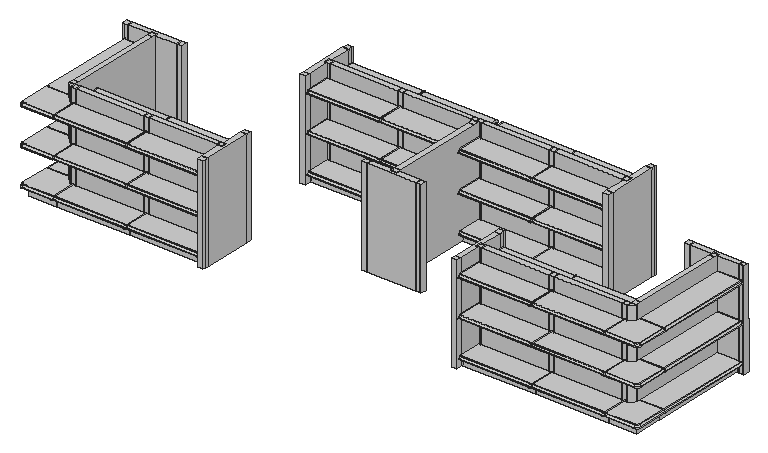
Revit family "QF_ConfigurationA", category Specialty Equipment, Revit 2012 (continued)
Definition of nested family "TL2"
  Automatic sketch dimensions
    plane 18 to Extrusion 22 sketch curve = 0' - 1.11011"
    Extrusion 22 sketch curve to plane 18 = 0' - 0 5/8"
    Extrusion 22 sketch curve to Extrusion 22 sketch curve = 0' - 0 1/8"  (x2)
    Extrusion 22 sketch curve to Extrusion 22 sketch curve = 0' - 0 7/8"
    Extrusion 22 sketch curve to Extrusion 22 sketch curve = 0' - 0 3/4"
    Extrusion 22 sketch curve to Extrusion 22 sketch curve = 0' - 0 1/4"  (x2)
    plane 10 "3rd shelf" to Extrusion 22 sketch curve = 0' - 0 1/2"  (x2)
    Extrusion 22 sketch curve to Extrusion 22 sketch curve = 0' - 2"
    Extrusion 22 sketch curve to plane 4 = 0' - 1 1/8"
    Extrusion 22 sketch curve to Extrusion 22 sketch curve = 0' - 0"
    Extrusion 22 sketch curve to Extrusion 22 sketch curve = 0' - 2 1/4"
    plane 10 "3rd shelf" to Extrusion 22 sketch curve = 0' - 0 5/8"
    Extrusion 23 sketch curve to plane 18 = 0' - 0"
    Extrusion 23 sketch curve to plane 10 "3rd shelf" = 0' - 0"
    Extrusion 23 sketch curve to plane 4 = 0' - 0"
    Extrusion 23 sketch curve to plane 10 "3rd shelf" = 0' - 0.10284"
    plane 18 to Extrusion 23 sketch curve = 0' - 0.86011"
    Extrusion 23 sketch curve to plane 18 = 0' - 0 1/4"
    Extrusion 23 sketch curve to plane 18 = 0' - 0 3/4"
    Extrusion 23 sketch curve to Extrusion 23 sketch curve = 0' - 0 5/8"
    Extrusion 23 sketch curve to Extrusion 23 sketch curve = 0' - 0 1/8"  (x2)
    plane 10 "3rd shelf" to Extrusion 23 sketch curve = 0' - 0 1/8"
    Extrusion 23 sketch curve to Extrusion 23 sketch curve = 0' - 0 1/4"
    Extrusion 24 sketch curve to plane 18 = 0' - 0"
    Extrusion 24 sketch curve to plane 10 "3rd shelf" = 0' - 0"
    Extrusion 24 sketch curve to plane 4 = 0' - 0"
    plane 10 "3rd shelf" to Extrusion 24 sketch curve = 0' - 0.22784"
    Extrusion 24 sketch curve to plane 18 = 0' - 1.11011"
    plane 18 to Extrusion 24 sketch curve = 0' - 0 5/8"
    Extrusion 24 sketch curve to Extrusion 24 sketch curve = 0' - 0 1/8"  (x2)
    Extrusion 24 sketch curve to Extrusion 24 sketch curve = 0' - 0 7/8"
    Extrusion 24 sketch curve to Extrusion 24 sketch curve = 0' - 0 3/4"
    Extrusion 24 sketch curve to Extrusion 24 sketch curve = 0' - 0 1/4"  (x2)
    Extrusion 24 sketch curve to plane 10 "3rd shelf" = 0' - 0 1/2"  (x2)
    Extrusion 24 sketch curve to Extrusion 24 sketch curve = 0' - 2"
    plane 4 to Extrusion 24 sketch curve = 0' - 1 1/8"
    Extrusion 24 sketch curve to Extrusion 24 sketch curve = 0' - 0"
    Extrusion 24 sketch curve to Extrusion 24 sketch curve = 0' - 2 1/4"
    Extrusion 24 sketch curve to plane 10 "3rd shelf" = 0' - 0 5/8"
    Extrusion 25 sketch curve to plane 18 = 0' - 0"
    Extrusion 25 sketch curve to plane 11 "4th shelf" = 0' - 0"
    Extrusion 25 sketch curve to plane 4 = 0' - 0"
    Extrusion 25 sketch curve to plane 11 "4th shelf" = 0' - 0.22784"
    plane 18 to Extrusion 25 sketch curve = 0' - 1.11011"
    Extrusion 25 sketch curve to plane 18 = 0' - 0 5/8"
    Extrusion 25 sketch curve to Extrusion 25 sketch curve = 0' - 0 1/8"  (x2)
    Extrusion 25 sketch curve to plane 18 = 0' - 0 7/8"
    Extrusion 25 sketch curve to Extrusion 25 sketch curve = 0' - 0 3/4"
    Extrusion 25 sketch curve to Extrusion 25 sketch curve = 0' - 0 1/4"  (x2)
    plane 11 "4th shelf" to Extrusion 25 sketch curve = 0' - 0 1/2"  (x2)
    Extrusion 25 sketch curve to Extrusion 25 sketch curve = 0' - 2"
    Extrusion 25 sketch curve to plane 4 = 0' - 1 1/8"
    Extrusion 25 sketch curve to Extrusion 25 sketch curve = 0' - 0"
    Extrusion 25 sketch curve to Extrusion 25 sketch curve = 0' - 2 1/4"
    plane 11 "4th shelf" to Extrusion 25 sketch curve = 0' - 0 5/8"
    Extrusion 26 sketch curve to plane 18 = 0' - 0"
    Extrusion 26 sketch curve to plane 11 "4th shelf" = 0' - 0"
    Extrusion 26 sketch curve to plane 4 = 0' - 0"
    Extrusion 26 sketch curve to plane 11 "4th shelf" = 0' - 0.10284"
    plane 18 to Extrusion 26 sketch curve = 0' - 0.86011"
    Extrusion 26 sketch curve to plane 18 = 0' - 0 1/4"
    Extrusion 26 sketch curve to plane 18 = 0' - 0 3/4"
    Extrusion 26 sketch curve to Extrusion 26 sketch curve = 0' - 0 5/8"
    Extrusion 26 sketch curve to Extrusion 26 sketch curve = 0' - 0 1/8"  (x2)
    plane 11 "4th shelf" to Extrusion 26 sketch curve = 0' - 0 1/8"
    Extrusion 26 sketch curve to Extrusion 26 sketch curve = 0' - 0 1/4"
    Extrusion 27 sketch curve to plane 18 = 0' - 0"
    Extrusion 27 sketch curve to plane 11 "4th shelf" = 0' - 0"
    Extrusion 27 sketch curve to plane 4 = 0' - 0"
    plane 11 "4th shelf" to Extrusion 27 sketch curve = 0' - 0.22784"
    Extrusion 27 sketch curve to plane 18 = 0' - 1.11011"
    plane 18 to Extrusion 27 sketch curve = 0' - 0 5/8"
    Extrusion 27 sketch curve to Extrusion 27 sketch curve = 0' - 0 1/8"  (x2)
    plane 18 to Extrusion 27 sketch curve = 0' - 0 7/8"
    Extrusion 27 sketch curve to Extrusion 27 sketch curve = 0' - 0 3/4"
    Extrusion 27 sketch curve to Extrusion 27 sketch curve = 0' - 0 1/4"  (x2)
    Extrusion 27 sketch curve to plane 11 "4th shelf" = 0' - 0 1/2"  (x2)
    Extrusion 27 sketch curve to Extrusion 27 sketch curve = 0' - 2"
    plane 4 to Extrusion 27 sketch curve = 0' - 1 1/8"
    Extrusion 27 sketch curve to Extrusion 27 sketch curve = 0' - 0"
    Extrusion 27 sketch curve to Extrusion 27 sketch curve = 0' - 2 1/4"
    Extrusion 27 sketch curve to plane 11 "4th shelf" = 0' - 0 5/8"
    Extrusion 1 sketch curve to level = 0' - 0"
    Extrusion 1 sketch curve to plane 6 = 0' - 0"  (x2)
    plane 14 to Extrusion 1 sketch curve = 0' - 0"
    level to Extrusion 1 sketch curve = 0' - 0 1/32"
    plane 16 to Extrusion 1 sketch curve = 0' - 1 1/8"
    Extrusion 1 sketch curve to Extrusion 1 sketch curve = 0' - 0.03076"
    plane 15 to Extrusion 1 sketch curve = 0' - 1 1/8"
    Extrusion 1 sketch curve to plane 14 = 0' - 1 1/4"
    Extrusion 1 to Split face 1 sketch curve = 0' - 0"
    Split face 1 sketch curve to Extrusion 1 = 0' - 0"  (x4)
    Extrusion 1 to Split face 2 sketch curve = 0' - 0"
    Split face 2 sketch curve to Extrusion 1 = 0' - 0"  (x4)
    radius of Extrusion 3 sketch curve = 0' - 0 1/8"  (x2)
    radius of Extrusion 5 sketch curve = 0' - 0 1/8"  (x2)
    radius of Extrusion 6 sketch curve = 0' - 0 1/8"  (x2)
    radius of Extrusion 8 sketch curve = 0' - 0 1/8"  (x2)
    radius of Extrusion 9 sketch curve = 0' - 0 1/8"  (x2)
    radius of Extrusion 11 sketch curve = 0' - 0 1/8"  (x2)
    radius of Extrusion 12 sketch curve = 0' - 0 1/8"  (x2)
    radius of Extrusion 14 sketch curve = 0' - 0 1/8"  (x2)
    radius of Extrusion 16 sketch curve = 0' - 0 1/8"  (x2)
    radius of Extrusion 18 sketch curve = 0' - 0 1/8"  (x2)
    radius of Extrusion 19 sketch curve = 0' - 0 1/8"  (x2)
    radius of Extrusion 21 sketch curve = 0' - 0 1/8"  (x2)
    radius of Extrusion 22 sketch curve = 0' - 0 1/8"  (x2)
    radius of Extrusion 24 sketch curve = 0' - 0 1/8"  (x2)
    radius of Extrusion 25 sketch curve = 0' - 0 1/8"  (x2)
    radius of Extrusion 27 sketch curve = 0' - 0 1/8"  (x2)
Definition of nested family "TL3"
  Parameters (values of type "Maxi Line End (Default)")
    "Right" Shelf Width = 1' - 0"
    "Left" Shelf Width = 1' - 0"
    "Front" Regular Base Shelf [instance] = no
    "Front" Shelf 2' [instance] = no
    "Front" Shelf 3' - 6" [instance] = no
    "Front" Shelf 5' [instance] = no
    "Front" Shelf 6' - 6" [instance] = no
    "Front" Shelf Depth = 1' - 10"
    Height = 4' - 0"
  Reference planes (in)
    plane 1 "Center (Front/Back)": y = 0
    plane 2: z = 0
    plane 3 "Center (Left/Right)": x = 0
    plane 4: y = 1.1178
    plane 5: y = -1.6322
    plane 6: z = 48
    plane 7: z = 0
    plane 8 "1st shelf": z = 23.5
    plane 9 "2nd shelf": z = 41.5
    plane 10 "3rd shelf": z = 59.5
    plane 11 "4th shelf": z = 77.5
    plane 12: y = -24.5072
    plane 13: x = 0
    plane 14: x = 26.75
    plane 15: x = 0.125
    plane 16: x = 26.625
    plane 17: z = 41.5
    plane 18: y = 23.9928
    plane 19: x = 23.875
    plane 20: x = 2.875
    plane 21: y = -21.6322
    plane 22: y = -24.3822
    plane 23: y = -23.6322
    plane 24: x = 12
    plane 25: x = 14.75
    plane 26: x = 0
  Forms (in)
    Extrusion 1, solid, material "Metal - Steel", visible <- ""Front" Shelf 2'"
      sketch origin (0, -0.2572, 0) x (0, 1, 0) y (0, 0, 1)
        loop
          line (-1.375, 23.5) -> (-23.5, 23.5) -> (-23.625, 23.5)
          arc (-23.625, 23.5) -> (-23.83033, 22.87796) -> (-24.25, 22.375) r 1.75
          line (-24.25, 22.375) -> (-24.25, 22.125) -> (-23.375, 22.125) -> (-23.375, 22.375) -> (-22.625, 23) -> (-22.375, 23) -> (-22.375, 22.875) -> (-1.375, 20.75) -> (-1.375, 23.5)
        loop
          circle (-20.375, 23) r 0.125
        loop
          circle (-2.5, 23) r 0.125
      from 0 to 0.125
    Extrusion 2, solid, material "Metal - Steel", visible <- ""Front" Shelf 2'"
      sketch origin (0, -0.2572, 0) x (0, 1, 0) y (0, 0, 1)
        loop
          line (-23.5, 23.5) -> (-23.5, 23.375) -> (-23.375, 23.375)
          arc (-23.375, 23.375) -> (-23.58033, 22.75296) -> (-24, 22.25) r 1.75
          line (-24, 22.25) -> (-24, 22.375) -> (-24.125, 22.375) -> (-24.125, 22.125) -> (-23.375, 22.125) -> (-1.375, 22.125) -> (-1.375, 23.5) -> (-23.5, 23.5)
      from 0.125 to 26.625
    Extrusion 3, solid, material "Metal - Steel", visible <- ""Front" Shelf 2'"
      sketch origin (26.4055, -0.2572, 0) x (0, 1, 0) y (0, 0, -1)
        loop
          line (-1.375, -23.5) -> (-1.375, -20.75) -> (-22.375, -22.875) -> (-22.375, -23) -> (-22.625, -23) -> (-23.375, -22.375) -> (-23.375, -22.125) -> (-24.25, -22.125) -> (-24.25, -22.375)
          arc (-24.25, -22.375) -> (-23.83033, -22.87796) -> (-23.625, -23.5) r 1.75
          line (-23.625, -23.5) -> (-23.5, -23.5) -> (-1.375, -23.5)
        loop
          circle (-20.375, -23) r 0.125
        loop
          circle (-2.5, -23) r 0.125
      from -0.3445 to -0.2195
    Extrusion 4, solid, material "Metal - Steel", visible <- ""Front" Shelf 3' - 6""
      sketch origin (0, -0.2572, 18) x (0, 1, 0) y (0, 0, 1)
        loop
          line (-1.375, 23.5) -> (-23.5, 23.5) -> (-23.625, 23.5)
          arc (-23.625, 23.5) -> (-23.83033, 22.87796) -> (-24.25, 22.375) r 1.75
          line (-24.25, 22.375) -> (-24.25, 22.125) -> (-23.375, 22.125) -> (-23.375, 22.375) -> (-22.625, 23) -> (-22.375, 23) -> (-22.375, 22.875) -> (-1.375, 20.75) -> (-1.375, 23.5)
        loop
          circle (-20.375, 23) r 0.125
        loop
          circle (-2.5, 23) r 0.125
      from 0 to 0.125
    Extrusion 5, solid, material "Metal - Steel", visible <- ""Front" Shelf 3' - 6""
      sketch origin (0, -0.2572, 18) x (0, 1, 0) y (0, 0, 1)
        loop
          line (-23.5, 23.5) -> (-23.5, 23.375) -> (-23.375, 23.375)
          arc (-23.375, 23.375) -> (-23.58033, 22.75296) -> (-24, 22.25) r 1.75
          line (-24, 22.25) -> (-24, 22.375) -> (-24.25, 22.375) -> (-24.25, 22.125) -> (-23.375, 22.125) -> (-1.375, 22.125) -> (-1.375, 23.5) -> (-23.5, 23.5)
      from 0.125 to 26.625
    Extrusion 6, solid, material "Metal - Steel", visible <- ""Front" Shelf 3' - 6""
      sketch origin (26.4055, -0.2572, 18) x (0, 1, 0) y (0, 0, -1)
        loop
          line (-1.375, -23.5) -> (-1.375, -20.75) -> (-22.375, -22.875) -> (-22.375, -23) -> (-22.625, -23) -> (-23.375, -22.375) -> (-23.375, -22.125) -> (-24.25, -22.125) -> (-24.25, -22.375)
          arc (-24.25, -22.375) -> (-23.83033, -22.87796) -> (-23.625, -23.5) r 1.75
          line (-23.625, -23.5) -> (-23.5, -23.5) -> (-1.375, -23.5)
        loop
          circle (-20.375, -23) r 0.125
        loop
          circle (-2.5, -23) r 0.125
      from -0.3445 to -0.2195
    Extrusion 7, solid, material "Metal - Steel", visible <- ""Front" Shelf 5'"
      sketch origin (0, -0.2572, 36) x (0, 1, 0) y (0, 0, 1)
        loop
          line (-1.375, 23.5) -> (-23.5, 23.5) -> (-23.625, 23.5)
          arc (-23.625, 23.5) -> (-23.83033, 22.87796) -> (-24.25, 22.375) r 1.75
          line (-24.25, 22.375) -> (-24.25, 22.125) -> (-23.375, 22.125) -> (-23.375, 22.375) -> (-22.625, 23) -> (-22.375, 23) -> (-22.375, 22.875) -> (-1.375, 20.75) -> (-1.375, 23.5)
        loop
          circle (-20.375, 23) r 0.125
        loop
          circle (-2.5, 23) r 0.125
      from 0 to 0.125
    Extrusion 8, solid, material "Metal - Steel", visible <- ""Front" Shelf 5'"
      sketch origin (0, -0.2572, 36) x (0, 1, 0) y (0, 0, 1)
        loop
          line (-23.5, 23.5) -> (-23.5, 23.375) -> (-23.375, 23.375)
          arc (-23.375, 23.375) -> (-23.58033, 22.75296) -> (-24, 22.25) r 1.75
          line (-24, 22.25) -> (-24, 22.375) -> (-24.25, 22.375) -> (-24.25, 22.125) -> (-23.375, 22.125) -> (-1.375, 22.125) -> (-1.375, 23.5) -> (-23.5, 23.5)
      from 0.125 to 26.625
    Extrusion 9, solid, material "Metal - Steel", visible <- ""Front" Shelf 5'"
      sketch origin (26.4055, -0.2572, 36) x (0, 1, 0) y (0, 0, -1)
        loop
          line (-1.375, -23.5) -> (-1.375, -20.75) -> (-22.375, -22.875) -> (-22.375, -23) -> (-22.625, -23) -> (-23.375, -22.375) -> (-23.375, -22.125) -> (-24.25, -22.125) -> (-24.25, -22.375)
          arc (-24.25, -22.375) -> (-23.83033, -22.87796) -> (-23.625, -23.5) r 1.75
          line (-23.625, -23.5) -> (-23.5, -23.5) -> (-1.375, -23.5)
        loop
          circle (-20.375, -23) r 0.125
        loop
          circle (-2.5, -23) r 0.125
      from -0.3445 to -0.2195
    Extrusion 10, solid, material "Metal - Steel", visible <- ""Front" Shelf 6' - 6""
      sketch origin (0, -0.2572, 54) x (0, 1, 0) y (0, 0, 1)
        loop
          line (-1.375, 23.5) -> (-23.5, 23.5) -> (-23.625, 23.5)
          arc (-23.625, 23.5) -> (-23.83033, 22.87796) -> (-24.25, 22.375) r 1.75
          line (-24.25, 22.375) -> (-24.25, 22.125) -> (-23.375, 22.125) -> (-23.375, 22.375) -> (-22.625, 23) -> (-22.375, 23) -> (-22.375, 22.875) -> (-1.375, 20.75) -> (-1.375, 23.5)
        loop
          circle (-20.375, 23) r 0.125
        loop
          circle (-2.5, 23) r 0.125
      from 0 to 0.125
    Extrusion 11, solid, material "Metal - Steel", visible <- ""Front" Shelf 6' - 6""
      sketch origin (0, -0.2572, 54) x (0, 1, 0) y (0, 0, 1)
        loop
          line (-23.5, 23.5) -> (-23.5, 23.375) -> (-23.375, 23.375)
          arc (-23.375, 23.375) -> (-23.58033, 22.75296) -> (-24, 22.25) r 1.75
          line (-24, 22.25) -> (-24, 22.375) -> (-24.25, 22.375) -> (-24.25, 22.125) -> (-23.375, 22.125) -> (-1.375, 22.125) -> (-1.375, 23.5) -> (-23.5, 23.5)
      from 0.125 to 26.625
    Extrusion 12, solid, material "Metal - Steel", visible <- ""Front" Shelf 6' - 6""
      sketch origin (26.4055, -0.2572, 54) x (0, 1, 0) y (0, 0, -1)
        loop
          line (-1.375, -23.5) -> (-1.375, -20.75) -> (-22.375, -22.875) -> (-22.375, -23) -> (-22.625, -23) -> (-23.375, -22.375) -> (-23.375, -22.125) -> (-24.25, -22.125) -> (-24.25, -22.375)
          arc (-24.25, -22.375) -> (-23.83033, -22.87796) -> (-23.625, -23.5) r 1.75
          line (-23.625, -23.5) -> (-23.5, -23.5) -> (-1.375, -23.5)
        loop
          circle (-20.375, -23) r 0.125
        loop
          circle (-2.5, -23) r 0.125
      from -0.3445 to -0.2195
    Extrusion 13, solid, material "Metal - Steel"
      sketch origin (2.4055, 1.1178, 77.5) x (1, 0, 0) y (0, 1, 0)
        loop
          line (-2.4055, 0) -> (-3.6555, 0) -> (-3.6555, -2.75) -> (-1.1555, -2.75) -> (-1.1555, 0) -> (-2.4055, 0)
        loop
          line (-1.12425, 0) -> (-1.12425, -2.75) -> (23.06325, -2.75) -> (23.06325, 0) -> (12.3445, 0) -> (12.3445, -1.25) -> (9.5945, -1.25) -> (9.5945, 0) -> (-1.12425, 0)
        loop
          line (24.3445, -2.75) -> (25.5945, -2.75) -> (25.5945, 0) -> (23.0945, 0) -> (23.0945, -2.75) -> (24.3445, -2.75)
      from -77.5 to -29.5
    Extrusion 14, solid, material "Metal - Steel", visible <- ""Front" Regular Base Shelf"
      sketch origin (0, -0.2572, 0) x (0, 1, 0) y (0, 0, 1)
        loop
          line (-1.375, 0) -> (-1.375, 5.5) -> (-23.625, 5.5) -> (-23.625, 5.375) -> (-23.5, 5.375)
          arc (-23.5, 5.375) -> (-23.70533, 4.75296) -> (-24.125, 4.25) r 1.75
          line (-24.125, 4.25) -> (-24.125, 4.375) -> (-24.25, 4.375) -> (-24.25, 4.125) -> (-21.375, 4.125) -> (-21.375, 0) -> (-1.375, 0)
      from 0 to 26.75
  Dimensions and locks (in)
    "Height": plane 6 to level
    locked: plane 13 to plane 15 at 0.125
    locked: plane 16 to plane 14 at 0.125
    plane 3 "Center (Left/Right)" to Extrusion 13 = 0' - 1 1/4"
    locked: plane 13 to plane 20 at 2.875
    locked: plane 19 to plane 14 at 2.875
    ""Front" Shelf Depth": plane 23 to plane 5
    locked: plane 12 to plane 21 at 2.875
    locked: plane 22 to plane 12 at 0.125
    locked: plane 12 to plane 23 at 0.875
    ""Right" Shelf Width": plane 25 to plane 14
    ""Left" Shelf Width": plane 26 to plane 24
    locked: plane 24 to plane 25 at 2.75
    aligned and locked: level to plane 2
    aligned and locked: Extrusion 2 to Extrusion 3
    aligned and locked: Extrusion 1 to plane 15
    aligned and locked: Extrusion 2 to Extrusion 1
    aligned and locked: plane 16 to Extrusion 3
    aligned and locked: Extrusion 5 to Extrusion 6
    aligned and locked: Extrusion 5 to Extrusion 4
    aligned and locked: Extrusion 4 to Extrusion 1
    aligned and locked: Extrusion 6 to Extrusion 2
    aligned and locked: Extrusion 4 to plane 15
    aligned and locked: Extrusion 8 to Extrusion 9
    aligned and locked: Extrusion 8 to Extrusion 7
    aligned and locked: Extrusion 7 to Extrusion 1
    aligned and locked: Extrusion 9 to Extrusion 2
    aligned and locked: Extrusion 11 to Extrusion 12
    aligned and locked: Extrusion 11 to Extrusion 10
    aligned and locked: Extrusion 10 to Extrusion 1
    aligned and locked: Extrusion 12 to Extrusion 2
    aligned and locked: Extrusion 13 to level
    aligned and locked: plane 13 to Extrusion 10
    aligned and locked: plane 13 to Extrusion 7
    aligned and locked: plane 13 to Extrusion 4
    aligned and locked: plane 13 to Extrusion 1
    aligned and locked: Extrusion 12 to plane 14
    aligned and locked: Extrusion 9 to plane 14
    aligned and locked: Extrusion 6 to plane 14
    aligned and locked: Extrusion 3 to plane 14
    aligned and locked: plane 5 to Extrusion 13
    aligned and locked: Extrusion 13 to plane 6
    aligned and locked: plane 22 to Extrusion 2
    aligned and locked: Extrusion 11 to plane 5
    aligned and locked: plane 13 to Extrusion 14
    aligned and locked: Extrusion 14 to plane 14
    aligned and locked: plane 23 to Extrusion 2
    aligned and locked: Extrusion 2 to plane 5
    aligned and locked: plane 24 to Extrusion 13
    aligned and locked: plane 25 to Extrusion 13
    aligned and locked: plane 13 to plane 26
  Automatic sketch dimensions
    Extrusion 1 sketch curve to plane 12 = 0' - 0"
    Extrusion 1 sketch curve to plane 8 "1st shelf" = 0' - 0"
    Extrusion 1 sketch curve to plane 5 = 0' - 0"
    plane 8 "1st shelf" to Extrusion 1 sketch curve = 0' - 0.22784"
    Extrusion 1 sketch curve to plane 12 = 0' - 1.11011"
    plane 12 to Extrusion 1 sketch curve = 0' - 0 5/8"
    Extrusion 1 sketch curve to Extrusion 1 sketch curve = 0' - 0 1/8"  (x2)
    plane 12 to Extrusion 1 sketch curve = 0' - 0 7/8"
    Extrusion 1 sketch curve to Extrusion 1 sketch curve = 0' - 0 3/4"
    Extrusion 1 sketch curve to Extrusion 1 sketch curve = 0' - 0 1/4"  (x2)
    Extrusion 1 sketch curve to plane 8 "1st shelf" = 0' - 0 1/2"  (x2)
    Extrusion 1 sketch curve to Extrusion 1 sketch curve = 0' - 2"
    plane 5 to Extrusion 1 sketch curve = 0' - 1 1/8"
    Extrusion 1 sketch curve to Extrusion 1 sketch curve = 0' - 0"
    Extrusion 1 sketch curve to Extrusion 1 sketch curve = 0' - 2 1/4"
    Extrusion 1 sketch curve to plane 8 "1st shelf" = 0' - 0 5/8"
    Extrusion 2 sketch curve to plane 8 "1st shelf" = 0' - 0"
    Extrusion 2 sketch curve to plane 5 = 0' - 0"
    plane 12 to Extrusion 2 sketch curve = 0' - 0 7/8"  (x2)
    Extrusion 2 sketch curve to plane 8 "1st shelf" = 0' - 0 1/8"
    Extrusion 2 sketch curve to Extrusion 2 sketch curve = 0' - 0 1/8"  (x3)
    plane 12 to Extrusion 2 sketch curve = 0' - 0 1/4"
    plane 12 to Extrusion 2 sketch curve = 0' - 0 1/8"
    plane 8 "1st shelf" to Extrusion 2 sketch curve = 0' - 0.10284"
    Extrusion 2 sketch curve to plane 12 = 0' - 0.86011"
    Extrusion 3 sketch curve to plane 12 = 0' - 0"
    Extrusion 3 sketch curve to plane 8 "1st shelf" = 0' - 0"
    Extrusion 3 sketch curve to plane 5 = 0' - 0"
    plane 8 "1st shelf" to Extrusion 3 sketch curve = 0' - 0.22784"
    Extrusion 3 sketch curve to plane 12 = 0' - 1.11011"
    plane 12 to Extrusion 3 sketch curve = 0' - 0 5/8"
    Extrusion 3 sketch curve to Extrusion 3 sketch curve = 0' - 0 1/8"  (x2)
    plane 12 to Extrusion 3 sketch curve = 0' - 0 7/8"
    Extrusion 3 sketch curve to Extrusion 3 sketch curve = 0' - 0 3/4"
    Extrusion 3 sketch curve to Extrusion 3 sketch curve = 0' - 0 1/4"  (x2)
    Extrusion 3 sketch curve to plane 8 "1st shelf" = 0' - 0 1/2"  (x3)
    Extrusion 3 sketch curve to Extrusion 3 sketch curve = 0' - 2"
    plane 5 to Extrusion 3 sketch curve = 0' - 1 1/8"
    Extrusion 3 sketch curve to Extrusion 3 sketch curve = 0' - 0"
    Extrusion 3 sketch curve to Extrusion 3 sketch curve = 0' - 2 1/4"
    Extrusion 4 sketch curve to plane 12 = 0' - 0"
    Extrusion 4 sketch curve to plane 9 "2nd shelf" = 0' - 0"
    Extrusion 4 sketch curve to plane 5 = 0' - 0"
    plane 9 "2nd shelf" to Extrusion 4 sketch curve = 0' - 0.22784"
    Extrusion 4 sketch curve to plane 12 = 0' - 1.11011"
    plane 12 to Extrusion 4 sketch curve = 0' - 0 5/8"
    Extrusion 4 sketch curve to Extrusion 4 sketch curve = 0' - 0 1/8"  (x2)
    plane 12 to Extrusion 4 sketch curve = 0' - 0 7/8"
    Extrusion 4 sketch curve to Extrusion 4 sketch curve = 0' - 0 3/4"
    Extrusion 4 sketch curve to Extrusion 4 sketch curve = 0' - 0 1/4"  (x2)
    Extrusion 4 sketch curve to plane 9 "2nd shelf" = 0' - 0 1/2"  (x2)
    Extrusion 4 sketch curve to Extrusion 4 sketch curve = 0' - 2"
    plane 5 to Extrusion 4 sketch curve = 0' - 1 1/8"
    Extrusion 4 sketch curve to Extrusion 4 sketch curve = 0' - 0"
    Extrusion 4 sketch curve to Extrusion 4 sketch curve = 0' - 2 1/4"
    Extrusion 4 sketch curve to plane 9 "2nd shelf" = 0' - 0 5/8"
    Extrusion 5 sketch curve to plane 12 = 0' - 0"
    Extrusion 5 sketch curve to plane 9 "2nd shelf" = 0' - 0"
    Extrusion 5 sketch curve to plane 5 = 0' - 0"
    plane 9 "2nd shelf" to Extrusion 5 sketch curve = 0' - 0.10284"
    Extrusion 5 sketch curve to plane 12 = 0' - 0.86011"
    plane 12 to Extrusion 5 sketch curve = 0' - 0 1/4"
    plane 12 to Extrusion 5 sketch curve = 0' - 0 3/4"
    Extrusion 5 sketch curve to Extrusion 5 sketch curve = 0' - 0 5/8"
    Extrusion 5 sketch curve to Extrusion 5 sketch curve = 0' - 0 1/8"  (x2)
    Extrusion 5 sketch curve to plane 9 "2nd shelf" = 0' - 0 1/8"
    Extrusion 5 sketch curve to Extrusion 5 sketch curve = 0' - 0 1/4"
    Extrusion 6 sketch curve to plane 12 = 0' - 0"
    Extrusion 6 sketch curve to plane 9 "2nd shelf" = 0' - 0"
    Extrusion 6 sketch curve to plane 5 = 0' - 0"
    plane 9 "2nd shelf" to Extrusion 6 sketch curve = 0' - 0.22784"
    Extrusion 6 sketch curve to plane 12 = 0' - 1.11011"
    plane 12 to Extrusion 6 sketch curve = 0' - 0 5/8"
    Extrusion 6 sketch curve to Extrusion 6 sketch curve = 0' - 0 1/8"  (x2)
    plane 12 to Extrusion 6 sketch curve = 0' - 0 7/8"
    Extrusion 6 sketch curve to Extrusion 6 sketch curve = 0' - 0 3/4"
    Extrusion 6 sketch curve to Extrusion 6 sketch curve = 0' - 0 1/4"  (x2)
    Extrusion 6 sketch curve to plane 9 "2nd shelf" = 0' - 0 1/2"  (x3)
    Extrusion 6 sketch curve to Extrusion 6 sketch curve = 0' - 2"
    plane 5 to Extrusion 6 sketch curve = 0' - 1 1/8"
    Extrusion 6 sketch curve to Extrusion 6 sketch curve = 0' - 0"
    Extrusion 6 sketch curve to Extrusion 6 sketch curve = 0' - 2 1/4"
    Extrusion 7 sketch curve to plane 12 = 0' - 0"
    Extrusion 7 sketch curve to plane 10 "3rd shelf" = 0' - 0"
    Extrusion 7 sketch curve to plane 5 = 0' - 0"
    plane 10 "3rd shelf" to Extrusion 7 sketch curve = 0' - 0.22784"
    Extrusion 7 sketch curve to plane 12 = 0' - 1.11011"
    plane 12 to Extrusion 7 sketch curve = 0' - 0 5/8"
    Extrusion 7 sketch curve to Extrusion 7 sketch curve = 0' - 0 1/8"  (x2)
    plane 12 to Extrusion 7 sketch curve = 0' - 0 7/8"
    Extrusion 7 sketch curve to Extrusion 7 sketch curve = 0' - 0 3/4"
    Extrusion 7 sketch curve to Extrusion 7 sketch curve = 0' - 0 1/4"  (x2)
    Extrusion 7 sketch curve to plane 10 "3rd shelf" = 0' - 0 1/2"  (x2)
    Extrusion 7 sketch curve to Extrusion 7 sketch curve = 0' - 2"
    plane 5 to Extrusion 7 sketch curve = 0' - 1 1/8"
    Extrusion 7 sketch curve to Extrusion 7 sketch curve = 0' - 0"
    Extrusion 7 sketch curve to Extrusion 7 sketch curve = 0' - 2 1/4"
    Extrusion 7 sketch curve to plane 10 "3rd shelf" = 0' - 0 5/8"
    Extrusion 8 sketch curve to plane 12 = 0' - 0"
    Extrusion 8 sketch curve to plane 10 "3rd shelf" = 0' - 0"
    Extrusion 8 sketch curve to plane 5 = 0' - 0"
    plane 10 "3rd shelf" to Extrusion 8 sketch curve = 0' - 0.10284"
    Extrusion 8 sketch curve to plane 12 = 0' - 0.86011"
    plane 12 to Extrusion 8 sketch curve = 0' - 0 1/4"
    plane 12 to Extrusion 8 sketch curve = 0' - 0 3/4"
    Extrusion 8 sketch curve to Extrusion 8 sketch curve = 0' - 0 5/8"
    Extrusion 8 sketch curve to Extrusion 8 sketch curve = 0' - 0 1/8"  (x2)
    Extrusion 8 sketch curve to plane 10 "3rd shelf" = 0' - 0 1/8"
    Extrusion 8 sketch curve to Extrusion 8 sketch curve = 0' - 0 1/4"
    Extrusion 9 sketch curve to plane 12 = 0' - 0"
    Extrusion 9 sketch curve to plane 10 "3rd shelf" = 0' - 0"
    Extrusion 9 sketch curve to plane 5 = 0' - 0"
    plane 10 "3rd shelf" to Extrusion 9 sketch curve = 0' - 0.22784"
    Extrusion 9 sketch curve to plane 12 = 0' - 1.11011"
    plane 12 to Extrusion 9 sketch curve = 0' - 0 5/8"
    Extrusion 9 sketch curve to Extrusion 9 sketch curve = 0' - 0 1/8"  (x2)
    plane 12 to Extrusion 9 sketch curve = 0' - 0 7/8"
    Extrusion 9 sketch curve to Extrusion 9 sketch curve = 0' - 0 3/4"
    Extrusion 9 sketch curve to Extrusion 9 sketch curve = 0' - 0 1/4"  (x2)
    Extrusion 9 sketch curve to plane 10 "3rd shelf" = 0' - 0 1/2"  (x3)
    Extrusion 9 sketch curve to Extrusion 9 sketch curve = 0' - 2"
    plane 5 to Extrusion 9 sketch curve = 0' - 1 1/8"
    Extrusion 9 sketch curve to Extrusion 9 sketch curve = 0' - 0"
    Extrusion 9 sketch curve to Extrusion 9 sketch curve = 0' - 2 1/4"
    Extrusion 10 sketch curve to plane 12 = 0' - 0"
    Extrusion 10 sketch curve to plane 11 "4th shelf" = 0' - 0"
    Extrusion 10 sketch curve to plane 5 = 0' - 0"
    plane 11 "4th shelf" to Extrusion 10 sketch curve = 0' - 0.22784"
    Extrusion 10 sketch curve to plane 12 = 0' - 1.11011"
    plane 12 to Extrusion 10 sketch curve = 0' - 0 5/8"
    Extrusion 10 sketch curve to Extrusion 10 sketch curve = 0' - 0 1/8"  (x2)
    plane 12 to Extrusion 10 sketch curve = 0' - 0 7/8"
    Extrusion 10 sketch curve to Extrusion 10 sketch curve = 0' - 0 3/4"
    Extrusion 10 sketch curve to Extrusion 10 sketch curve = 0' - 0 1/4"  (x2)
    Extrusion 10 sketch curve to plane 11 "4th shelf" = 0' - 0 1/2"  (x2)
    Extrusion 10 sketch curve to Extrusion 10 sketch curve = 0' - 2"
    plane 5 to Extrusion 10 sketch curve = 0' - 1 1/8"
    Extrusion 10 sketch curve to Extrusion 10 sketch curve = 0' - 0"
    Extrusion 10 sketch curve to Extrusion 10 sketch curve = 0' - 2 1/4"
    Extrusion 10 sketch curve to plane 11 "4th shelf" = 0' - 0 5/8"
    Extrusion 11 sketch curve to plane 12 = 0' - 0"
    Extrusion 11 sketch curve to plane 11 "4th shelf" = 0' - 0"
    plane 5 to Extrusion 11 sketch curve = 0' - 0"
    plane 11 "4th shelf" to Extrusion 11 sketch curve = 0' - 0.10284"
    Extrusion 11 sketch curve to plane 12 = 0' - 0.86011"
    plane 12 to Extrusion 11 sketch curve = 0' - 0 1/4"
    plane 12 to Extrusion 11 sketch curve = 0' - 0 3/4"
    Extrusion 11 sketch curve to Extrusion 11 sketch curve = 0' - 0 5/8"
    Extrusion 11 sketch curve to Extrusion 11 sketch curve = 0' - 0 1/8"  (x2)
    Extrusion 11 sketch curve to plane 11 "4th shelf" = 0' - 0 1/8"
    Extrusion 11 sketch curve to Extrusion 11 sketch curve = 0' - 0 1/4"
    Extrusion 12 sketch curve to plane 12 = 0' - 0"
    Extrusion 12 sketch curve to plane 11 "4th shelf" = 0' - 0"
    Extrusion 12 sketch curve to plane 5 = 0' - 0"
    plane 11 "4th shelf" to Extrusion 12 sketch curve = 0' - 0.22784"
    Extrusion 12 sketch curve to plane 12 = 0' - 1.11011"
    plane 12 to Extrusion 12 sketch curve = 0' - 0 5/8"
    Extrusion 12 sketch curve to Extrusion 12 sketch curve = 0' - 0 1/8"  (x2)
    plane 12 to Extrusion 12 sketch curve = 0' - 0 7/8"
    Extrusion 12 sketch curve to Extrusion 12 sketch curve = 0' - 0 3/4"
    Extrusion 12 sketch curve to Extrusion 12 sketch curve = 0' - 0 1/4"  (x2)
    Extrusion 12 sketch curve to plane 11 "4th shelf" = 0' - 0 1/2"  (x3)
    Extrusion 12 sketch curve to Extrusion 12 sketch curve = 0' - 2"
    plane 5 to Extrusion 12 sketch curve = 0' - 1 1/8"
    Extrusion 12 sketch curve to Extrusion 12 sketch curve = 0' - 0"
    Extrusion 12 sketch curve to Extrusion 12 sketch curve = 0' - 2 1/4"
    Extrusion 13 sketch curve to plane 4 = 0' - 0"  (x4)
    plane 5 to Extrusion 13 sketch curve = 0' - 0"  (x3)
    Extrusion 13 sketch curve to plane 13 = 0' - 0"
    Extrusion 13 sketch curve to plane 14 = 0' - 0"
    plane 13 to Extrusion 13 sketch curve = 0' - 1 1/4"
    plane 15 to Extrusion 13 sketch curve = 0' - 1 1/8"
    Extrusion 13 sketch curve to Extrusion 13 sketch curve = 0' - 0 1/32"  (x2)
    plane 1 "Center (Front/Back)" to Extrusion 13 sketch curve = 0' - 0.1322"
    plane 3 "Center (Left/Right)" to Extrusion 13 sketch curve = 1' - 0"
    plane 3 "Center (Left/Right)" to Extrusion 13 sketch curve = 1' - 2 3/4"
    plane 16 to Extrusion 13 sketch curve = 0' - 1 5/32"
    Extrusion 13 sketch curve to plane 14 = 0' - 1 1/4"
    Extrusion 14 sketch curve to plane 12 = 0' - 0"
    Extrusion 14 sketch curve to plane 22 = 0' - 0"
    Extrusion 14 sketch curve to plane 21 = 0' - 0"
    Extrusion 14 sketch curve to plane 5 = 0' - 0"
    Extrusion 14 sketch curve to level = 0' - 0"
    Extrusion 14 sketch curve to plane 12 = 0' - 0.98511"
    plane 22 to Extrusion 14 sketch curve = 0' - 0 1/2"
    Extrusion 14 sketch curve to Extrusion 14 sketch curve = 0' - 0 1/8"  (x3)
    level to Extrusion 14 sketch curve = 0' - 4 1/8"
    Extrusion 14 sketch curve to Extrusion 14 sketch curve = 0' - 1"
    level to Extrusion 14 sketch curve = 0' - 5 1/2"
    radius of Extrusion 1 sketch curve = 0' - 0 1/8"  (x2)
    radius of Extrusion 3 sketch curve = 0' - 0 1/8"  (x2)
    radius of Extrusion 4 sketch curve = 0' - 0 1/8"  (x2)
    radius of Extrusion 6 sketch curve = 0' - 0 1/8"  (x2)
    radius of Extrusion 7 sketch curve = 0' - 0 1/8"  (x2)
    radius of Extrusion 9 sketch curve = 0' - 0 1/8"  (x2)
    radius of Extrusion 10 sketch curve = 0' - 0 1/8"  (x2)
    radius of Extrusion 12 sketch curve = 0' - 0 1/8"  (x2)
